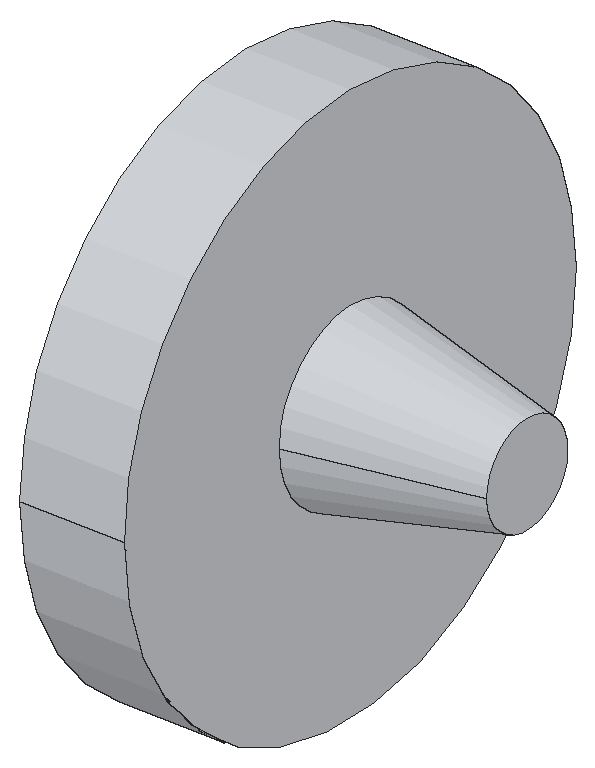
Revit family "M_Flange - Pescoço de solda - Aço - Classe 900", category Conexões de tubo, Revit 2019
Family settings
  Cota do conector redondo = Usar raio
  Tipo de parte = Flange
  Número OmniClass = 23.60.30.11.14
  Título OmniClass = Pipework Fittings
  ID de item do Seek = Flange - Weld Neck - Steel - Class 900-0000-CAN-ENU
  Com base no plano de trabalho = Não
  Sempre na vertical = Sim
  Corte com vazios quando carregada = Não
  Compartilhado = Não
Parameters (values of type "Padrão")
  Tamanho da marca de revisão [instance] = Diâmetro externo da flange * 0.4  # 48 mm
  Espessura da face elevada [instance] = 6.35 mm  # constant formula
  Raio da face elevada [instance] = Diâmetro da face elevada / 2  # 17.45 mm
  Diâmetro da face elevada [instance] = size_lookup(Nome da tabela de pesquisa, "RFD", 1.11 * Diâmetro nominal + 34.727 mm, Diâmetro nominal)  # 34.9 mm
  Raio nominal [instance] = 7.5 mm
  Diâmetro nominal [instance] = Raio nominal * 2  # 15 mm
  Método de perda = Não definido
  Nome da tabela de pesquisa = "M_Flange - Weld Neck - Steel - Class 900"
  Comprimento pelo hub [instance] = size_lookup(Nome da tabela de pesquisa, "LTH", 0.37 * Diâmetro nominal + 73.323 mm, Diâmetro nominal)  # 60 mm
  Raio do hub [instance] = Diâmetro do hub / 2  # 19 mm
  Diâmetro do hub [instance] = size_lookup(Nome da tabela de pesquisa, "HDia", 1.2 * Diâmetro nominal + 35.917 mm, Diâmetro nominal)  # 38 mm
  Raio inicial do hub [instance] = Diâmetro inicial do hub / 2  # 10.65 mm
  Diâmetro inicial do hub [instance] = size_lookup(Nome da tabela de pesquisa, "HBD", 1 * Diâmetro nominal + 11.509 mm, Diâmetro nominal)  # 21.3 mm
  Espessura do flange [instance] = size_lookup(Nome da tabela de pesquisa, "FThk", 0.18 * Diâmetro nominal + 25.202 mm, Diâmetro nominal)  # 22.3 mm
  Raio externo da flange [instance] = Diâmetro externo da flange / 2  # 60 mm
  Diâmetro externo da flange [instance] = size_lookup(Nome da tabela de pesquisa, "FOD", 1.5 * Diâmetro nominal + 130.274 mm, Diâmetro nominal)  # 120 mm
Reference planes
  plane 1 "Centro (Frente/Trás)": y = 0
  plane 2: z = 0
  plane 3 "Centro (Esquerda/Direita)": x = 0
  plane 4: x = 6.35
  plane 5: x = 28.65
  plane 6: x = 66.35
  plane 7: y = 48
  plane 8: y = -48
Forms (mm)
  Sweep 1, solid, detail levels fine
    path in 3D
      loop
        line (0, 0, 0) -> (6.35, 0, 0)
    profile origin (3.175, 0, 0) x (0, 1, 0) y (0, 0, 1)
      loop
        circle (0, 0) r 17.45
  Sweep 2, solid, detail levels fine
    path in 3D
      loop
        line (6.35, 0, 0) -> (28.65, 0, 0)
    profile origin (17.5, 0, 0) x (0, 1, 0) y (0, 0, 1)
      loop
        circle (0, 0) r 60
  SweptBlend 3, solid, detail levels fine
    path in 3D
      loop
        line (28.65, 0, 0) -> (66.35, 0, 0)
    profile origin (28.65, 0, 0) x (0, 1, 0) y (0, 0, 1)
      loop
        circle (0, 0) r 19
    end profile origin (66.35, 0, 0) x (0, 1, 0) y (0, 0, 1)
      loop
        circle (0, 0) r 10.65
Cuts and joins
  joined: Sweep 1, Sweep 2, SweptBlend 3
Lines and regions (mm)
  model lines, detail levels coarse+medium
    curve 1: line (0, 0, 0) -> (6.35, 0, 0)
    curve 2: line (6.35, 0, 0) -> (28.65, 0, 0)
    curve 3: line (28.65, 0, 0) -> (66.35, 0, 0)
    curve 6: line (28.65, 48, 0) -> (28.65, -48, 0)
  sketch lines
    curve 4: line (0, 0, 0) -> (6.35, 0, 0)
    curve 5: line (6.35, 0, 0) -> (28.65, 0, 0)
    curve 7: line (28.65, 0, 0) -> (66.35, 0, 0)
Dimensions and locks
  "Espessura da face elevada": plane 3 "Centro (Esquerda/Direita)" to plane 4
  "Espessura do flange": plane 4 to plane 5
  "Comprimento pelo hub": plane 4 to plane 6
  equal spacing: plane 7, plane 1 "Centro (Frente/Trás)", plane 8
  "Tamanho da marca de revisão": plane 7 to plane 1 "Centro (Frente/Trás)"
  "Raio da face elevada": radius of Sweep 1 sketch curve
  "Raio externo da flange": radius of Sweep 2 sketch curve
  "Raio do hub": radius of SweptBlend 3 sketch curve
  "Raio inicial do hub": radius of SweptBlend 3 sketch curve
  aligned and locked: plane 3 "Centro (Esquerda/Direita)" to curve 1
  aligned and locked: plane 4 to curve 1
  aligned and locked: plane 1 "Centro (Frente/Trás)" to curve 1
  aligned and locked: plane 1 "Centro (Frente/Trás)" to curve 2
  aligned and locked: plane 5 to curve 3
  aligned and locked: plane 6 to curve 3
  aligned and locked: plane 1 "Centro (Frente/Trás)" to curve 3
  aligned and locked: plane 7 to curve 6
  aligned and locked: plane 8 to curve 6
  aligned and locked: curve 6 to plane 5
  aligned and locked: plane 1 "Centro (Frente/Trás)" to SweptBlend 3 sketch curve  (x2)
  aligned and locked: plane 2 to SweptBlend 3 sketch curve  (x2)
Automatic sketch dimensions
  Sweep 1 sketch curve to profile plane = 0 mm  (x2)
  Sweep 2 sketch curve to profile plane = 0 mm  (x2)
Connectors
  piping at (0, 0, 0), diameter 15, driven by "Raio nominal"
    settings: on cut or joined group of Sweep 1, Sweep 2, SweptBlend 3, index 1, connector inside diameter 15 mm, connector length 0 mm, flow factor 0, pipe flow 0.0 L/s, pressure drop 0.0 Pa, fitting loss kfactor 0, connector angle 0.00°, fixture units 0, engagement length 0 mm, angle of deflection 0.00°, flow configuration 0, flow direction 0, fitting loss method 0, system type 28, joint type 0, gender type 0, connector reference index 2, connector utility 0, adjustable connector no, is connector primary yes, connector description ""
  piping at (66.35, 0, 0), diameter 15, driven by "Raio nominal"
    settings: on cut or joined group of Sweep 1, Sweep 2, SweptBlend 3, index 2, connector inside diameter 15 mm, connector length 0 mm, flow factor 0, pipe flow 0.0 L/s, pressure drop 0.0 Pa, fitting loss kfactor 0, connector angle 0.00°, fixture units 0, engagement length 0 mm, angle of deflection 0.00°, flow configuration 0, flow direction 0, fitting loss method 0, system type 28, joint type 0, gender type 0, connector reference index 1, connector utility 0, adjustable connector no, is connector primary no, connector description ""
